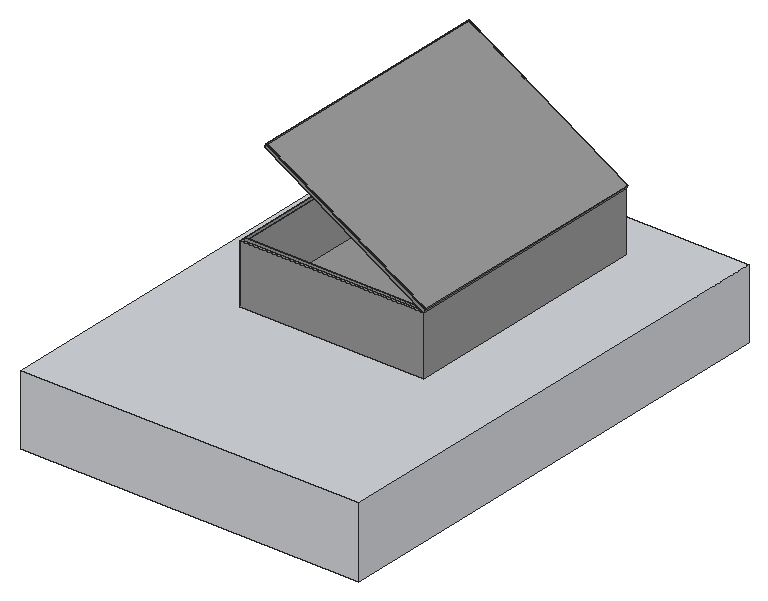
Revit family "Hager-Univers-IP55-D275-H1100-Cl.II-Steel_encl-FR-fr", category Equipement électrique, Revit 2020
Family settings
  Hôte = Face
  Configuration du panneau = Deux colonnes, circuits au sein
  Cote de connecteur circulaire = Utiliser le diamètre
  Type d'élément = Tableau de raccordement
  Couper avec des vides une fois chargée = Non
  Partagée = Non
  Point de calcul de pièce = Non
Parameters (values of type "saillie IP55 L800 H1100 P275  - FR73S")
  Width Control [instance] = if([EF000008 - largeur] > Min Width, [EF000008 - largeur], Min Width)  # 800 mm
  Commentaires du type = [HG000003 - Gamme]  # "Univers"
  Thickness Door [instance] = if([EF009171 - épaisseur de matériau de la porte/du couvercle] > 3 mm, 3 mm, [EF009171 - épaisseur de matériau de la porte/du couvercle])  # 1.5 mm
  Seal Frame Offset [instance] = 17 mm  # constant formula
  Plinth Visibility [instance] = [HG000027 - Hauteur du socle] > 0 mm  # no
  Model = ""
  Min Width [instance] = 100 mm  # constant formula
  Min Height [instance] = 100 mm  # constant formula
  Min Depth [instance] = (2 * [EF009170 - épaisseur de matériau du boîtier]) + 1 mm  # 4 mm
  Internal Frame Depth [instance] = (Door System Depth * 0.5)  # 9 mm
  Height Control [instance] = if([EF000040 - hauteur] > Min Height, [EF000040 - hauteur], Min Height)  # 1100 mm
  HG000027 - Hauteur du socle = 0 mm
  HG000026 - Installation au sol = no
  HG000024 - Hauteur de la section basse = 800 mm
  HG000023 - Armoire double section = no
  HG000016 - Visibilité de la porte 3D [instance] = yes
  HG000015 - Visibilité de l'emprise de la porte [instance] = no
  HG000014 - Porte à droite [instance] = yes
  HG000013 - Porte à gauche [instance] = not([HG000014 - Porte à droite])  # no
  HG000012 - Angle de pivotement de la porte [instance] = 30.00°
  HG000010 - Portes asymétriques = no
  HG000009 - Porte à double battant = no
  HG000006 - Encastré = no
  HG000004 - Référence fabricant = "FR73S"
  HG000003 - Gamme = "Univers"
  HG000002 - avec porte = yes
  Frame Offset Bottom [instance] = 10 mm  # constant formula
  Frame Offset [instance] = 15 mm  # constant formula
  EF015940 - couvercle avec décharge de pression = no
  EF011959 - degré de protection (NEMA) = ""
  EF009554 - nombre d'ouvertures pour plaques à bride = 6
  Fabricant = "Hager"  # constant formula
  EF009212 - finition du couvercle = "EV000116 - fermé"
  EF009171 - épaisseur de matériau de la porte/du couvercle = 1.5 mm
  EF009170 - épaisseur de matériau du boîtier = 1.5 mm
  EF008873 - courant nominal (In) = 800 A
  EF007800 - adapté à un parafoudre = no
  EF006306 - avec serrure = no
  EF006244 - couvercle/porte transparent(e) = no
  EF005474 - indice de protection (IP) = "EV006420 - IP55"
  EF004464 - type de porte = "EV002646 - unique"
  EF004427 - nombre de modules = 252
  EF004293 - indice de protection contre les chocs (IK) = "EV008784 - IK10"
  EF003532 - convient pour utilisation à l’extérieur = no
  EF002950 - largeur en nombre de modules = 24
  EF001613 - maintien de fonction = "EV000494 - sans"
  EF001596 - matériau du boîtier/corps = "EV000179 - acier"
  EF001131 - profondeur intérieure = 275 mm
  EF001088 - possibilité de montage en saillie = yes
  EF000437 - nombre d'entrées de conduit = 6
  EF000339 - type de capot = "EV004216 - porte"
  EF000266 - nombre de rangées = 7
  EF000218 - profondeur d'encastrement = 0 mm
  EF000118 - avec cadre/support de montage = no
  EF000116 - numéro RAL = "7035"
  EF000049 - profondeur = 275 mm
  EF000040 - hauteur = 1100 mm
  EF000008 - largeur = 800 mm
  EF000007 - couleur = "EV000270 - gris"
  EF000003 - mode de pose = "EV000384 - saillie"
  Door System Leaf Tolerance [instance] = 1.5 mm  # constant formula
  Door System Depth [instance] = 18 mm  # constant formula
  Door Height [instance] = Height Control - [HG000027 - Hauteur du socle]  # 1100 mm
  Depth Control [instance] = if([EF000049 - profondeur] > Min Depth, [EF000049 - profondeur], Min Depth)  # 275 mm
  Default Elevation = 0 mm
  Connector Offset [instance] = Height Control / 2  # 550 mm
  Bottom Top Plate Trim [instance] = 1.5 mm  # constant formula
  Plinth height Ctrl [instance] = if([HG000027 - Hauteur du socle] > 0 mm, [HG000027 - Hauteur du socle], 12 mm)  # 12 mm
Types (3, lengths in mm): name | Width Control | HG000009 - Porte à double battant | HG000004 - Référence fabricant | EF009554 - nombre d'ouvertures pour plaques à bride | EF004464 - type de porte | EF004427 - nombre de modules | EF000437 - nombre d'entrées de conduit | EF000008 - largeur
  saillie IP55 L1050 H1100 P275  - FR74S | 1050 | yes | "FR74S" | 8 | "EV003602 - double" | 336 | 8 | 1050
  saillie IP55 L550 H1100 P275  - FR72S | 550 | no | "FR72S" | 4 | "EV002646 - unique" | 168 | 4 | 550
  saillie IP55 L800 H1100 P275  - FR73S | 800 | no | "FR73S" | 6 | "EV002646 - unique" | 252 | 6 | 800
Reference planes
  plane 1 "Center (Front/Back)": y = 0
  plane 2: z = 0
  plane 3 "Center (Left/Right)": x = 0
  plane 4: z = 275
  plane 5: y = 1.5
  plane 6: y = 550
  plane 7: y = 0
  plane 8: y = 1100
  plane 9: z = 0
  plane 10: x = -385
  plane 11: x = 385
  plane 12: x = 383.5
  plane 13: x = -383.5
  plane 14: y = 1098.5
  plane 15: x = -383
  plane 16: x = -400
  plane 17: x = 383
  plane 18: x = 400
  plane 19: x = 398.5
  plane 20: x = -398.5
  plane 21: y = 11.5
  plane 22: y = 1100
  plane 23: y = 1083.5
  plane 24: z = 257
  plane 25: z = 1.5
  plane 26: z = 255.5
  plane 27: z = 273.5
Forms (mm)
  Extrusion 1, solid
    sketch origin (0, 0, 0) x (1, 0, 0) y (0, 1, 0)
      loop
        line (-702.964, 1305) -> (-702.964, -811.445) -> (766.763, -811.445) -> (766.763, 1305) -> (-702.964, 1305)
    from 0 to -304.8
  Extrusion 2, solid, material "Hager_Steel_RAL7035_Light_Grey", visible <- "Plinth Visibility", detail levels medium+fine
    sketch origin (0, 0, 0) x (1, 0, 0) y (0, 1, 0)
      loop
        line (-400, 0) -> (400, 0) -> (400, 12) -> (-400, 12) -> (-400, 0)
    from 0 to 257
  Extrusion 3, solid, material "Hager_Steel_RAL7035_Light_Grey", detail levels medium+fine
    sketch origin (0, 0, 0) x (1, 0, 0) y (0, 1, 0)
      loop
        line (-400, 0) -> (400, 0) -> (400, 1100) -> (-400, 1100) -> (-400, 0)
    from 0 to 257
  Extrusion 4, void
    sketch origin (0, 0, 0) x (1, 0, 0) y (0, 1, 0)
      loop
        line (-398.5, 1.5) -> (398.5, 1.5) -> (398.5, 1098.5) -> (-398.5, 1098.5) -> (-398.5, 1.5)
    from 1.5 to 255.5
  Extrusion 5, void
    sketch origin (-381.607, -4572, 257) x (0, -1, 0) y (-1, 0, 0)
      loop
        line (-4583.5, 1.893) -> (-5655.5, 1.893) -> (-5655.5, -765.107) -> (-4583.5, -765.107) -> (-4583.5, 1.893)
    from 0 to 1.5 <- "EF009170 - épaisseur de matériau du boîtier"
  Extrusion 6, solid, material "Hager_Steel_RAL7035_Light_Grey", detail levels fine
    sketch origin (0, 0, 257) x (1, 0, 0) y (0, 1, 0)
      loop
        line (-383.5, 1083.5) -> (-383.5, 11.5) -> (383.5, 11.5) -> (383.5, 1083.5) -> (-383.5, 1083.5)
      loop
        line (-385, 10) -> (385, 10) -> (385, 1085) -> (-385, 1085) -> (-385, 10)
    from 0 to 9 <- "Internal Frame Depth"
  Extrusion 7, solid, material "Hager_Steel_RAL7035_Light_Grey", detail levels coarse
    sketch origin (0, 0, 0) x (1, 0, 0) y (0, 1, 0)
      loop
        line (-400, 0) -> (400, 0) -> (400, 1100) -> (-400, 1100) -> (-400, 0)
    from 0 to 275
  Sweep 8, void
    path in 3D
      loop
        line (-400, 12, 0) -> (400, 12, 0) -> (400, 12, 257) -> (-400, 12, 257) -> (-400, 12, 0)
    profile origin (-400, 12, 128.5) x (-1, 0, 0) y (0, -1, 0)
      loop
        line (0, 0) -> (0, 1.5) -> (-1.5, 1.5)
        arc (-1.5, 1.5) -> (-1.061, 0.439) -> (0, 0) r 1.5
Cuts and joins
  Extrusion 4, Extrusion 5 cuts Extrusion 3
  Sweep 8 cuts Extrusion 2
Lines and regions (mm)
  Masking region 1
    outline origin (0, 0, 0) x (1, 0, 0) y (0, 0, 1)
      loop
        line (-400, 275) -> (-400, 0) -> (400, 0) -> (400, 275) -> (-400, 275)
  Masking region 2, detail levels medium+fine
    outline origin (0, 140, 0) x (0, 1, 0) y (0, 0, 1)
      loop
        line (-140, 0) -> (960, 0) -> (960, 257) -> (-140, 257) -> (-140, 0)
  Masking region 3, not visible, detail levels medium+fine
    outline origin (0, 297.922, 0) x (0, 1, 0) y (0, 0, 1)
      loop
        line (263.578, 0) -> (303.578, 0) -> (303.578, 263.5)
        arc (303.578, 263.5) -> (300.649, 270.571) -> (293.578, 273.5) r 10
        line (293.578, 273.5) -> (263.578, 273.5) -> (263.578, 0)
  Masking region 4, detail levels coarse
    outline origin (0, 0, 180) x (0, 1, 0) y (0, 0, 1)
      loop
        line (0, -180) -> (1100, -180) -> (1100, 95) -> (0, 95) -> (0, -180)
  Masking region 5, visible <- "Plinth Visibility", detail levels medium+fine
    outline origin (0, 52.24, 12.345) x (0, 0, -1) y (0, 1, 0)
      loop
        line (10.845, -40.24) -> (-243.155, -40.24)
        arc (-243.155, -40.24) -> (-243.594, -41.301) -> (-244.655, -41.74) r 1.5
        line (-244.655, -41.74) -> (-244.655, -52.24) -> (12.345, -52.24) -> (12.345, -41.74)
        arc (12.345, -41.74) -> (11.285, -41.301) -> (10.845, -40.24) r 1.5
  Masking region 6, detail levels medium+fine
    outline origin (-381.607, -4572, 257) x (-1, 0, 0) y (0, -1, 0)
      loop
        line (18.393, -5672) -> (18.393, -4572) -> (-781.607, -4572) -> (-781.607, -5672) -> (18.393, -5672)
  Masking region 7, visible <- "Plinth Visibility", detail levels medium+fine
    outline origin (-381.607, -4727, 257) x (-1, 0, 0) y (0, -1, 0)
      loop
        arc (16.893, -4739) -> (17.332, -4737.939) -> (18.393, -4737.5) r 1.5
        line (18.393, -4737.5) -> (18.393, -4727) -> (-781.607, -4727) -> (-781.607, -4737.5)
        arc (-781.607, -4737.5) -> (-780.546, -4737.939) -> (-780.107, -4739) r 1.5
        line (-780.107, -4739) -> (16.893, -4739)
  Masking region 8, detail levels coarse
    outline origin (-442.548, -4669.526, 257) x (-1, 0, 0) y (0, -1, 0)
      loop
        line (-42.548, -5769.526) -> (-42.548, -4669.526) -> (-842.548, -4669.526) -> (-842.548, -5769.526) -> (-42.548, -5769.526)
  sketch lines
    curve 1: line (-400, 12, 257) -> (-400, 12, 0)
    curve 2: line (400, 12, 257) -> (-400, 12, 257)
    curve 3: line (400, 12, 257) -> (400, 12, 0)
    curve 4: line (-400, 12, 0) -> (400, 12, 0)
Dimensions and locks
  "Depth Control": plane 4 to Extrusion 1
  "HG000027 - Hauteur du socle": plane 1 "Center (Front/Back)" to plane 7
  "EF009170 - épaisseur de matériau du boîtier": plane 5 to plane 7
  locked: connector elem to plane 3 "Center (Left/Right)"
  equal spacing: plane 8, plane 6, plane 7
  locked: connector elem to plane 6
  "EF009170 - épaisseur de matériau du boîtier": plane 8 to plane 14
  "EF009170 - épaisseur de matériau du boîtier": plane 10 to plane 13
  "EF009170 - épaisseur de matériau du boîtier": plane 12 to plane 11
  "Frame Offset": plane 20 to plane 13
  "Frame Offset": plane 12 to plane 19
  "EF009170 - épaisseur de matériau du boîtier": plane 16 to plane 20
  "EF009170 - épaisseur de matériau du boîtier": plane 19 to plane 18
  "Seal Frame Offset": plane 16 to plane 15
  "Seal Frame Offset": plane 17 to plane 18
  "Frame Offset Bottom": plane 21 to plane 5
  "Frame Offset": plane 14 to plane 23
  equal spacing: plane 16, plane 3 "Center (Left/Right)", plane 18
  "Width Control": plane 16 to plane 18
  "EF009170 - épaisseur de matériau du boîtier": plane 4 to plane 27
  "EF009170 - épaisseur de matériau du boîtier": plane 24 to plane 26
  "EF009170 - épaisseur de matériau du boîtier": plane 25 to level
  "Door System Depth": plane 4 to plane 24
  "Height Control": plane 1 "Center (Front/Back)" to Extrusion 7 sketch curve
  "Height Control": Masking region 4 sketch curve to plane 1 "Center (Front/Back)"
  "Height Control": plane 1 "Center (Front/Back)" to plane 22
  "Bottom Top Plate Trim": profile plane to Sweep 8 sketch curve
  "Bottom Top Plate Trim": Sweep 8 sketch curve to profile plane
  "Plinth height Ctrl": plane 1 "Center (Front/Back)" to Extrusion 2 sketch curve
  "Plinth height Ctrl": Masking region 5 sketch curve to plane 1 "Center (Front/Back)"
  "Plinth height Ctrl": plane 1 "Center (Front/Back)" to Masking region 7 sketch curve
  "Thickness Door": Extrusion 6 sketch curve to Extrusion 6 sketch curve  (x3)
  "Thickness Door": cut or joined group of Extrusion 3, Extrusion 4, Extrusion 5 to Extrusion 6 sketch curve
  radius of Masking region 3 sketch curve = 10 mm
  "Bottom Top Plate Trim": radius of Masking region 5 sketch curve  (x2)
  "Bottom Top Plate Trim": radius of Sweep 8 sketch curve
  "Bottom Top Plate Trim": radius of Masking region 7 sketch curve  (x2)
  aligned and locked: plane 2 to Extrusion 1
  aligned and locked: level to Extrusion 1
  aligned and locked: level to Masking region 1 sketch curve
  aligned and locked: Masking region 1 sketch curve to plane 18
  aligned and locked: Masking region 1 sketch curve to plane 16
  aligned and locked: plane 7 to Masking region 2 sketch curve
  aligned and locked: level to Masking region 3 sketch curve
  aligned and locked: Masking region 3 sketch curve to plane 27
  aligned and locked: level to Masking region 2 sketch curve
  aligned and locked: plane 1 "Center (Front/Back)" to Extrusion 2 sketch curve
  aligned and locked: Extrusion 3 sketch curve to plane 7
  aligned and locked: plane 16 to Extrusion 3 sketch curve
  aligned and locked: plane 18 to Extrusion 3 sketch curve
  aligned and locked: plane 20 to Extrusion 4 sketch curve
  aligned and locked: plane 19 to Extrusion 4 sketch curve
  aligned and locked: Extrusion 4 sketch curve to plane 5
  aligned and locked: Extrusion 4 to plane 25
  aligned and locked: plane 26 to Extrusion 4
  aligned and locked: plane 24 to Extrusion 3
  aligned and locked: Extrusion 5 sketch curve to plane 21
  aligned and locked: Extrusion 5 sketch curve to plane 13
  aligned and locked: Extrusion 5 sketch curve to plane 12
  aligned and locked: plane 18 to Extrusion 7 sketch curve
  aligned and locked: plane 1 "Center (Front/Back)" to Extrusion 7 sketch curve
  aligned and locked: plane 16 to Extrusion 7 sketch curve
  aligned and locked: plane 4 to Extrusion 7
  aligned and locked: Extrusion 7 to level
  aligned and locked: level to Masking region 4 sketch curve
  aligned and locked: Masking region 4 sketch curve to plane 1 "Center (Front/Back)"
  aligned and locked: Masking region 4 sketch curve to plane 4
  aligned and locked: nested 1 to level
  aligned and locked: nested 1 to plane 16
  aligned and locked: plane 8 to Extrusion 3 sketch curve
  aligned and locked: plane 23 to Extrusion 5 sketch curve
  aligned and locked: plane 14 to Extrusion 4 sketch curve
  aligned and locked: Masking region 2 sketch curve to plane 8
  aligned and locked: level to Masking region 5 sketch curve
  aligned and locked: plane 16 to Extrusion 2 sketch curve
  aligned and locked: plane 18 to Extrusion 2 sketch curve
  aligned and locked: Masking region 5 sketch curve to plane 24
  aligned and locked: Masking region 2 sketch curve to plane 24
  aligned and locked: plane 24 to Extrusion 2
  aligned and locked: profile plane to Sweep 8 sketch curve  (x2)
  aligned and locked: Masking region 6 sketch curve to plane 18
  aligned and locked: Masking region 6 sketch curve to plane 22
  aligned and locked: Masking region 6 sketch curve to plane 16
  aligned and locked: plane 8 to plane 22
  aligned and locked: Masking region 6 sketch curve to plane 7
  aligned and locked: Masking region 7 sketch curve to plane 16
  aligned and locked: Masking region 7 sketch curve to plane 1 "Center (Front/Back)"
  aligned and locked: Masking region 7 sketch curve to plane 18
  aligned and locked: Masking region 8 sketch curve to plane 1 "Center (Front/Back)"
  aligned and locked: Masking region 8 sketch curve to plane 18
  aligned and locked: Masking region 8 sketch curve to plane 22
  aligned and locked: Masking region 8 sketch curve to plane 16
  aligned and locked: nested 2 to plane 7
  aligned and locked: plane 3 "Center (Left/Right)" to nested 2
  aligned and locked: nested 2 to plane 24
  aligned and locked: Extrusion 6 sketch curve to cut or joined group of Extrusion 3, Extrusion 4, Extrusion 5  (x4)
Automatic sketch dimensions
  Extrusion 1 sketch curve to Extrusion 1 sketch curve = 1469.727 mm
  Extrusion 1 sketch curve to Extrusion 1 sketch curve = 2116.445 mm
  Masking region 1 sketch curve to plane 4 = 0 mm
  plane 6 to Masking region 3 sketch curve = 11.5 mm
  Masking region 3 sketch curve to Masking region 3 sketch curve = 30 mm
  Masking region 5 sketch curve to plane 1 "Center (Front/Back)" = 0 mm
Nested families
  nested 1: "Hager_Enclosure_Symbol" at (-400, 0, 0) x (1, 0, 0) z (0, -1, 0), Height <- "Depth Control", Width <- "Width Control", type "Hager_Enclosure_Symbol"
    with Width_Ctrl 800 mm, Width 800 mm, Height_Ctrl 275 mm, Height 275 mm, A_Width_Int 18.047 mm, A_Width 216.562 mm, A_Height_Ctrl 240.625 mm, A_Height 240.625 mm
  nested 2: "EC000058_Univers_Door" at (0, 0, 257) x (1, 0, 0) z (0, 1, 0), Leaf_Tolerance <- "Door System Leaf Tolerance", Angle <- "HG000012 - Angle de pivotement de la porte", Door_Depth <- "Door System Depth", Door_Left <- "HG000013 - Porte à gauche", Transparent <- "EF006244 - couvercle/porte transparent(e)", Assymetrical <- "HG000010 - Portes asymétriques", Width <- "Width Control", Clearance <- "HG000015 - Visibilité de l'emprise de la porte", Double <- "HG000009 - Porte à double battant", 3d_Door <- "HG000016 - Visibilité de la porte 3D", Lock_Visibility <- "EF006306 - avec serrure", Width_Ctrl <- "Width Control", Door_Right <- "HG000014 - Porte à droite", Door <- "HG000002 - avec porte", Height <- "Door Height", Thickness <- "Thickness Door", type "EC000058_Univers_Door", detail levels medium+fine
    with min_wh 4 mm, Width_Ctrl 800 mm, Width 800 mm, Transparent no, Thickness 1.5 mm, Seal_Material Hager_Rubber, Lock_Visibility no, Lock_Material Hager_Plastic_RAL9005_Jet_Black, Leaf_Width 800 mm, Leaf_Tolerance_External_Sides 0 mm, Leaf_Tolerance 1.5 mm, Leaf_Offset 0 mm, Leaf_Height 1097 mm, Leaf_2_Width 800 mm, Leaf_2_Offset 400 mm, Leaf_1_Width 800 mm, Leaf_1_Offset 400 mm, Height_Ctrl 1100 mm, Height 1100 mm, Glass_Material Hager_Glass, Double_Clearance_Ctrl no, Double no, Door_Right_Ctrl yes, Door_Right yes, Door_Material Hager_Steel_RAL7035_Light_Grey, Door_Left_Ctrl no, Door_Left no, Door_Depth 18 mm, Door yes, Clearance_Material Hager_Clearance, Clearance_Depth 800 mm, Clearance_Ctrl no, Clearance no, Assymetrical no, Angle 30.00°, 3d_Door yes
Connectors
  electrical at (0, 550, 0)
    settings: on plane 9, index 1, voltage 0 V, apparent load 0 VA, apparent load phase1 0 VA, apparent load phase2 0 VA, apparent load phase3 0 VA, power factor 1, load classification "Other", number of poles 1, system type 30, power factor state 1, is connector primary yes, connector utility no, sub classification motor no, connector description ""
Definition of nested family "EC000058_Univers_Door"
  Parameters (values of type "EC000058_Univers_Door")
    min_wh [instance] = (2 * Thickness) + 1 mm  # 11 mm
    Width_Ctrl [instance] = 400 mm
    Width [instance] = 500 mm
    Transparent [instance] = yes
    Thickness [instance] = 5 mm
    Seal_Material [instance] = none
    Lock_Visibility [instance] = yes
    Lock_Material [instance] = none
    Leaf_Width [instance] = if((Width_Ctrl - 2 * Leaf_Tolerance_External_Sides) > 0 mm, (Width_Ctrl - 2 * Leaf_Tolerance_External_Sides), min_wh)  # 400 mm
    Leaf_Tolerance_External_Sides [instance] = 0 mm  # constant formula
    Leaf_Tolerance [instance] = 1.5 mm
    Leaf_Offset [instance] = 0 mm  # constant formula
    Leaf_Height [instance] = if((Height_Ctrl - 2 * Leaf_Tolerance) > 0 mm, (Height_Ctrl - 2 * Leaf_Tolerance), min_wh)  # 497 mm
    Leaf_2_Width [instance] = if(and(and(Double, Assymetrical), Door_Left), (Leaf_Width / 3) - (Leaf_Tolerance / 2), if(and(and(Double, Assymetrical), Door_Right), (Leaf_Width / 3) * 2 - (Leaf_Tolerance / 2), if(and(Double, not(Assymetrical)), (Leaf_Width / 2) - Leaf_Tolerance, Leaf_Width)))  # 400 mm
    Leaf_2_Offset [instance] = if(and(Double, Assymetrical), Leaf_2_Width / 2, if(and(Double, not(Assymetrical)), Leaf_Width / 4, Leaf_Width / 2))  # 200 mm
    Leaf_1_Width [instance] = if(and(and(Double, Assymetrical), Door_Right), (Leaf_Width / 3) - (Leaf_Tolerance / 2), if(and(and(Double, Assymetrical), Door_Left), (Width / 3) * 2 - (Leaf_Tolerance / 2), if(and(Double, not(Assymetrical)), (Leaf_Width / 2) - Leaf_Tolerance, Leaf_Width)))  # 400 mm
    Leaf_1_Offset [instance] = if(and(Double, Assymetrical), Leaf_1_Width / 2, if(and(Double, not(Assymetrical)), Leaf_Width / 4, Leaf_Width / 2))  # 200 mm
    Height_Ctrl [instance] = if(Height > min_wh, Height, min_wh)  # 500 mm
    Height [instance] = 500 mm
    Glass_Material [instance] = none
    Double_Clearance_Ctrl [instance] = and(Double, Clearance)  # no
    Double [instance] = no
    Door_Right_Ctrl [instance] = and(or(Door_Right, Double), Door)  # yes
    Door_Right [instance] = yes
    Door_Material [instance] = none
    Door_Left_Ctrl [instance] = and(or(Door_Left, Double), Door)  # no
    Door_Left [instance] = no
    Door_Depth [instance] = 30 mm
    Door [instance] = yes
    Default Elevation = 1219.2 mm
    Clearance_Material [instance] = none
    Clearance_Depth [instance] = if(Leaf_1_Width > Leaf_2_Width, Leaf_1_Width, Leaf_2_Width)  # 400 mm
    Clearance_Ctrl [instance] = and(not(Double), Clearance)  # yes
    Clearance [instance] = yes
    Assymetrical [instance] = yes
    Angle [instance] = 30.00°
    3d_Door [instance] = yes
  Reference planes
    plane 1 "Center (Front/Back)": y = 0
    plane 2 "Bottom": z = 0
    plane 3 "Center (Left/Right)": x = 0
    plane 4: z = 500
    plane 5: x = -200
    plane 6: x = 200
    plane 7: z = 500
    plane 8: x = -200
    plane 9: z = 0
    plane 10: x = 200
    plane 11: y = 0
    plane 12: z = 1.5
    plane 13: x = -600
    plane 14: y = -400
    plane 15: x = 600
    plane 16: x = 0
    plane 17: x = 0
    plane 18: x = -200
    plane 19: x = 200
    plane 20: z = 498.5
  Forms (mm)
    Extrusion 1, solid, material <- "Clearance_Material", visible <- "Double_Clearance_Ctrl"
      sketch origin (1200, 0, 0) x (1, 0, 0) y (0, 0, -1)
        loop
          line (-1800, -498.5) -> (-600, -498.5) -> (-600, 0) -> (-1800, 0) -> (-1800, -498.5)
      from 0 to -400
  Dimensions and locks
    equal spacing: plane 5, plane 3 "Center (Left/Right)", plane 6
    "Width_Ctrl": plane 5 to plane 6
    "Leaf_Offset": plane 5 to plane 8
    "Leaf_Offset": plane 6 to plane 10
    "Leaf_Offset": plane 9 to level
    "Leaf_Offset": plane 4 to plane 7
    "Height_Ctrl": plane 4 to level
    "Leaf_Tolerance": plane 12 to plane 9
    locked: plane 11 to plane 1 "Center (Front/Back)"
    "Leaf_1_Offset": plane 18 to plane 16
    "Leaf_2_Offset": plane 17 to plane 19
    "Leaf_1_Width": plane 13 to plane 8
    "Leaf_2_Width": plane 10 to plane 15
    "Clearance_Depth": plane 14 to plane 1 "Center (Front/Back)"
    "Leaf_Tolerance_External_Sides": plane 8 to plane 18
    "Leaf_Tolerance_External_Sides": plane 19 to plane 10
    "Leaf_Tolerance": plane 7 to plane 20
    aligned and locked: level to plane 2 "Bottom"
    aligned and locked: nested 1 to plane 16
    aligned and locked: nested 2 to plane 17
    aligned and locked: Extrusion 1 to plane 13
    aligned and locked: plane 15 to Extrusion 1
    aligned and locked: Extrusion 1 to plane 14
    aligned and locked: plane 12 to nested 1
    aligned and locked: nested 2 to plane 12
    aligned and locked: Extrusion 1 to plane 11
    aligned and locked: plane 20 to Extrusion 1
    aligned and locked: nested 2 to plane 11
    aligned and locked: nested 1 to plane 11
  Automatic sketch dimensions
    Extrusion 1 sketch curve to level = 0 mm
    plane 5 to Extrusion 1 sketch curve = 400 mm
    plane 6 to Extrusion 1 sketch curve = 400 mm
    Extrusion 1 sketch curve to plane 4 = 1.5 mm
  Nested families
    nested 1: "EC000058_Univers_Door_Leaf" at (0, 0, 1.5), Width <- "Leaf_1_Width", visible <- "Door_Left_Ctrl", Leaf_Height <- "Leaf_Height", Angle <- "Angle", 3d_Door <- "3d_Door", Transparent <- "Transparent", Clearance Material <- "Clearance_Material", Clearance <- "Clearance_Ctrl", Door_Material <- "Door_Material", Glass_Material <- "Glass_Material", Door_Depth <- "Door_Depth", Lock_Material <- "Lock_Material", Seal_Material <- "Seal_Material", Lock_Visibility <- "Lock_Visibility", Thickness <- "Thickness", type "EC000058_Univers_Door_Leaf"
      with Width 400 mm, Transparent_Glass_Offset 30 mm, Transparent_Ctrl yes, Transparent yes, Thickness 5 mm, Standard no, Seal_Material none, Seal_D2 8 mm, Seal_D1 1 mm, Offset_Internal_Frame 10 mm, Lock_Width 20 mm, Lock_Visibility_3d yes, Lock_Visibility yes, Lock_Thickness_3 3 mm, Lock_Thickness_2 1 mm, Lock_Thickness_1 3 mm, Lock_Radius_Offset_2 16 mm, Lock_Radius_Offset_1 15 mm, Lock_Radius_2 5 mm, Lock_Radius 6 mm, Lock_Offset 5 mm, Lock_Material none, Lock_Height 80 mm, Lock_Cover_Top_Offset_2d 17 mm, Lock_Cover_Height -65 mm, Leaf_Height 497 mm, Internal_Seal_Thickness 8 mm, Internal_Seal_Depth_2 4.5 mm, Internal_Frame_Depth 25 mm, Glass_Thickness -1 mm, Glass_Offset -2 mm, Glass_Material none, Door_Material none, Door_Depth 30 mm, Clearance Material none, Clearance yes, Angle_Ctrl 30.00°, Angle 30.00°, 3d_Door yes
    nested 2: "EC000058_Univers_Door_Leaf" at (0, 0, 1.5) x (-1, 0, 0) z (0, 0, 1), Width <- "Leaf_2_Width", visible <- "Door_Right_Ctrl", Leaf_Height <- "Leaf_Height", Angle <- "Angle", 3d_Door <- "3d_Door", Transparent <- "Transparent", Clearance Material <- "Clearance_Material", Clearance <- "Clearance_Ctrl", Door_Material <- "Door_Material", Glass_Material <- "Glass_Material", Door_Depth <- "Door_Depth", Lock_Material <- "Lock_Material", Seal_Material <- "Seal_Material", Lock_Visibility <- "Lock_Visibility", Thickness <- "Thickness", type "EC000058_Univers_Door_Leaf"
      with Width 400 mm, Transparent_Glass_Offset 30 mm, Transparent_Ctrl yes, Transparent yes, Thickness 5 mm, Standard no, Seal_Material none, Seal_D2 8 mm, Seal_D1 1 mm, Offset_Internal_Frame 10 mm, Lock_Width 20 mm, Lock_Visibility_3d yes, Lock_Visibility yes, Lock_Thickness_3 3 mm, Lock_Thickness_2 1 mm, Lock_Thickness_1 3 mm, Lock_Radius_Offset_2 16 mm, Lock_Radius_Offset_1 15 mm, Lock_Radius_2 5 mm, Lock_Radius 6 mm, Lock_Offset 5 mm, Lock_Material none, Lock_Height 80 mm, Lock_Cover_Top_Offset_2d 17 mm, Lock_Cover_Height -65 mm, Leaf_Height 497 mm, Internal_Seal_Thickness 8 mm, Internal_Seal_Depth_2 4.5 mm, Internal_Frame_Depth 25 mm, Glass_Thickness -1 mm, Glass_Offset -2 mm, Glass_Material none, Door_Material none, Door_Depth 30 mm, Clearance Material none, Clearance yes, Angle_Ctrl 30.00°, Angle 30.00°, 3d_Door yes
  Definition of nested family "EC000058_Univers_Door_Leaf"
    Parameters (values of type "EC000058_Univers_Door_Leaf")
      Width [instance] = 2000 mm
      Transparent_Glass_Offset [instance] = 30 mm
      Transparent_Ctrl [instance] = and(Transparent, [3d_Door])  # yes
      Transparent [instance] = yes
      Thickness [instance] = 5 mm
      Standard [instance] = and(not(Transparent), [3d_Door])  # no
      Seal_Material [instance] = none
      Seal_D2 [instance] = 8 mm  # constant formula
      Seal_D1 [instance] = 1 mm  # constant formula
      Offset_Internal_Frame [instance] = 10 mm  # constant formula
      Lock_Width [instance] = 20 mm  # constant formula
      Lock_Visibility_3d [instance] = and(Lock_Visibility, [3d_Door])  # yes
      Lock_Visibility [instance] = yes
      Lock_Thickness_3 [instance] = 3 mm  # constant formula
      Lock_Thickness_2 [instance] = 1 mm  # constant formula
      Lock_Thickness_1 [instance] = 3 mm  # constant formula
      Lock_Radius_Offset_2 [instance] = Lock_Radius_Offset_1 + 1 mm  # 16 mm
      Lock_Radius_Offset_1 [instance] = 15 mm  # constant formula
      Lock_Radius_2 [instance] = Lock_Radius - 1 mm  # 5 mm
      Lock_Radius [instance] = 6 mm  # constant formula
      Lock_Offset [instance] = 5 mm  # constant formula
      Lock_Material [instance] = none
      Lock_Height [instance] = 80 mm  # constant formula
      Lock_Cover_Top_Offset_2d [instance] = Lock_Radius_Offset_2 + 1 mm  # 17 mm
      Lock_Cover_Height [instance] = -(Lock_Height - Lock_Radius_Offset_1)  # -65 mm
      Leaf_Height [instance] = 2720.336 mm
      Internal_Seal_Thickness [instance] = 8 mm  # constant formula
      Internal_Seal_Depth_2 [instance] = 4.5 mm  # constant formula
      Internal_Frame_Depth [instance] = if(Door_Depth - Thickness > 5 mm, Door_Depth - Thickness, 5 mm)  # 25 mm
      Glass_Thickness [instance] = if(Thickness > 15 mm, Glass_Offset + 10 mm, -1 mm)  # -1 mm
      Glass_Offset [instance] = if(Thickness > 15 mm, -(Thickness + 10 mm) / 2, -2 mm)  # -2 mm
      Glass_Material [instance] = none
      Door_Material [instance] = none
      Door_Depth [instance] = 30 mm
      Default Elevation = 0 mm
      Clearance Material [instance] = none
      Clearance [instance] = yes
      Angle_Ctrl [instance] = if(Angle > 180.00°, 180.00°, Angle)  # 90.00°
      Angle [instance] = 90.00°
      3d_Door [instance] = yes
    Reference planes
      plane 1 "Center (Front/Back)": y = 0
      plane 2: z = 0
      plane 3 "Center (Left/Right)": x = 0
      plane 4: y = 2000
      plane 5: x = -1000
      plane 6: x = 1000
      plane 7: x = -3000
      plane 8: z = 2720.336
      plane 9: z = 30
      plane 10: z = 2690.336
      plane 11: x = 970
      plane 12: x = -970
      plane 13: y = -3
      plane 14: z = 107.833
      plane 15: y = -5
      plane 16: y = -223.314
      plane 17: x = -1000
      plane 18: z = 1360.168
      plane 19: y = 30
    Forms (mm)
      Extrusion 1, solid, material <- "Clearance Material", visible <- "Clearance"
        sketch origin (0, 0, 0) x (1, 0, 0) y (0, 0, 1)
          loop
            line (-3000, 2720.336) -> (-3000, 0) -> (1000, 0) -> (1000, 2720.336) -> (-3000, 2720.336)
        from 0 to -2000
      Extrusion 2, solid, material <- "Door_Material", visible <- "Standard", detail levels medium+fine
        sketch origin (-1000, 0, 0) x (0, 1, 0) y (-1, 0, 0)
          loop
            line (0, 30) -> (0, 25) -> (2000, 25) -> (2000, 30) -> (0, 30)
        from 0 to 2720.336 <- "Leaf_Height"
      Extrusion 3, solid, material <- "Door_Material", visible <- "Transparent_Ctrl", detail levels medium+fine
        sketch origin (-1000, 0, 0) x (0, 1, 0) y (-1, 0, 0)
          loop
            line (0, 25) -> (2000, 25) -> (2000, 30) -> (0, 30) -> (0, 25)
        from 0 to 2720.336 <- "Leaf_Height"
      Extrusion 4, void
        sketch origin (-1025, 2000, 0) x (0, 1, 0) y (0, 0, -1)
          loop
            line (-30, -2690.336) -> (-30, -30) -> (-1970, -30) -> (-1970, -2690.336) -> (-30, -2690.336)
        from 0 to 5 <- "Thickness"
      Sweep 5, solid, material <- "Seal_Material", visible <- "Transparent_Ctrl", detail levels fine
        path in 3D
          loop
            line (-1025, 30, 30) -> (-1025, 30, 2690.336) -> (-1025, 1970, 2690.336) -> (-1025, 1970, 30) -> (-1025, 30, 30)
        profile origin (-1025, 1000, 30) x (1, 0, 0) y (0, 0, 1)
          loop
            line (0, 0) -> (0, -8) -> (1, -8) -> (1, 0) -> (0, 0)
      Extrusion 6, solid, material <- "Glass_Material", visible <- "Transparent_Ctrl", detail levels medium+fine
        sketch origin (-1030, 0, 0) x (0, 1, 0) y (0, 0, -1)
          loop
            line (1970, -2690.336) -> (1970, -30) -> (30, -30) -> (30, -2690.336) -> (1970, -2690.336)
        from -2 <- "Glass_Offset" to -1 <- "Glass_Thickness"
      Extrusion 7, solid, material <- "Door_Material", visible <- "3d_Door", detail levels medium+fine
        sketch origin (-1025, 2000, 0) x (0, -1, 0) y (0, 0, -1)
          loop
            line (0, -2720.336) -> (2000, -2720.336) -> (2000, 0) -> (0, 0) -> (0, -2720.336)
          loop
            line (1995, -5) -> (5, -5) -> (5, -2715.336) -> (1995, -2715.336) -> (1995, -5)
        from 0 to 25 <- "Internal_Frame_Depth"
      Sweep 8, solid, material <- "Seal_Material", visible <- "Transparent_Ctrl", detail levels fine
        path in 3D
          loop
            line (-1025, 0, 0) -> (-1025, 2000, 0) -> (-1025, 2000, 2720.336) -> (-1025, 0, 2720.336) -> (-1025, 0, 0)
        profile origin (-1025, 0, 1360.168) x (1, 0, 0) y (0, 1, 0)
          loop
            line (0, 10) -> (2.975, 10)
            arc (2.975, 10) -> (4.053, 10.447) -> (4.5, 11.525) r 1.525
            line (4.5, 11.525) -> (4.5, 16.527)
            arc (4.5, 16.527) -> (4.069, 17.569) -> (3.027, 18) r 1.473
            line (3.027, 18) -> (0, 18) -> (0, 10)
      Extrusion 9, solid, material <- "Lock_Material", visible <- "Lock_Visibility_3d", detail levels fine
        sketch origin (-1030, 0, 0) x (0, 1, 0) y (0, 0, -1)
          loop
            arc (1993.5, -1400.168) -> (1994.561, -1399.729) -> (1995, -1398.668) r 1.5
            line (1995, -1398.668) -> (1995, -1320.168) -> (1975, -1320.168) -> (1975, -1398.668)
            arc (1975, -1398.668) -> (1975.439, -1399.729) -> (1976.5, -1400.168) r 1.5
            line (1976.5, -1400.168) -> (1993.5, -1400.168)
        from 3 <- "Lock_Thickness_1" to 0
      Blend 10, solid, material <- "Lock_Material", visible <- "Lock_Visibility_3d", detail levels fine
        base sketch origin (-1033, 0, 0) x (0, 1, 0) y (0, 0, -1)
          loop
            line (1975, -1320.168) -> (1975, -1398.668)
            arc (1975, -1398.668) -> (1975.439, -1399.729) -> (1976.5, -1400.168) r 1.5
            line (1976.5, -1400.168) -> (1993.5, -1400.168)
            arc (1993.5, -1400.168) -> (1994.561, -1399.729) -> (1995, -1398.668) r 1.5
            line (1995, -1398.668) -> (1995, -1320.168) -> (1975, -1320.168)
        top sketch origin (-1033, 0, 0) x (0, 1, 0) y (0, 0, -1)
          loop
            line (1976, -1320.168) -> (1976, -1398.668)
            arc (1976, -1398.668) -> (1976.146, -1399.022) -> (1976.5, -1399.168) r 0.5
            line (1976.5, -1399.168) -> (1993.5, -1399.168)
            arc (1993.5, -1399.168) -> (1993.854, -1399.022) -> (1994, -1398.668) r 0.5
            line (1994, -1398.668) -> (1994, -1320.168) -> (1976, -1320.168)
        from 0 to 1 <- "Lock_Thickness_2"
      Blend 11, solid, material <- "Lock_Material", visible <- "Lock_Visibility_3d", detail levels fine
        base sketch origin (-1034, 0, 0) x (0, 1, 0) y (0, 0, -1)
          loop
            line (1978, -1320.168) -> (1978, -1384.168)
            arc (1978, -1384.168) -> (1985, -1391.168) -> (1992, -1384.168) r 7
            line (1992, -1384.168) -> (1992, -1320.168) -> (1978, -1320.168)
        top sketch origin (-1034, 0, 0) x (0, 1, 0) y (0, 0, -1)
          loop
            line (1991, -1320.168) -> (1979, -1320.168) -> (1979, -1383.168)
            arc (1979, -1383.168) -> (1985, -1389.168) -> (1991, -1383.168) r 6
            line (1991, -1383.168) -> (1991, -1320.168)
        from 0 to 3 <- "Lock_Thickness_3"
      Extrusion 12, solid, material <- "Lock_Material", visible <- "Lock_Visibility_3d", detail levels fine
        sketch origin (-1030, 1975, 1320.168) x (1, 0, 0) y (0, -1, 0)
          loop
            line (-7, -19) -> (-7, -1) -> (0, -1) -> (0, 0) -> (-8, 0) -> (-8, -20) -> (0, -20) -> (0, -19) -> (-7, -19)
        from 0 to -65 <- "Lock_Cover_Height"
      Extrusion 13, void
        sketch origin (-1038, 1995, 1320.168) x (-1, 0, 0) y (0, 0, -1)
          loop
            line (-5, -65) -> (0, -65) -> (-5, -60) -> (-5, -65)
        from 0 to 20 <- "Lock_Width"
      Extrusion 14, void
        sketch origin (-1038, 1975, 1320.168) x (0, -1, 0) y (0, 0, -1)
          loop
            circle (-10, -15.995) r 6
          loop
            circle (-10, -15.995) r 5
        from 0 to 2
      Extrusion 15, solid, material <- "Lock_Material", visible <- "Lock_Visibility_3d", detail levels medium
        sketch origin (-1030, 0, 0) x (0, 1, 0) y (0, 0, -1)
          loop
            arc (1993.5, -1400.168) -> (1994.561, -1399.729) -> (1995, -1398.668) r 1.5
            line (1995, -1398.668) -> (1995, -1320.168) -> (1975, -1320.168) -> (1975, -1398.668)
            arc (1975, -1398.668) -> (1975.439, -1399.729) -> (1976.5, -1400.168) r 1.5
            line (1976.5, -1400.168) -> (1993.5, -1400.168)
        from 8 to 0
    Cuts and joins
      Extrusion 4 cuts Extrusion 3
      Extrusion 13, Extrusion 14 cuts Extrusion 9
      Extrusion 14 cuts Blend 11
      Extrusion 13, Extrusion 14 cuts Extrusion 12
      joined: Extrusion 9, Blend 10, Blend 11, Extrusion 12
      Extrusion 14 cuts Extrusion 15
    Lines and regions (mm)
      Masking region 1, visible <- "Lock_Visibility", detail levels fine
        outline origin (0, 0, 0) x (0, 1, 0) y (0, 0, 1)
          loop
            line (30, 1320.168) -> (33, 1320.168) -> (33, 1400.168) -> (30, 1400.168) -> (30, 1320.168)
      Masking region 2, visible <- "Lock_Visibility", detail levels fine
        outline origin (0, 3.143, 0) x (0, 1, 0) y (0, 0, 1)
          loop
            line (29.857, 1354.168) -> (30.857, 1354.168) -> (30.857, 1366.168) -> (29.857, 1366.168) -> (29.857, 1354.168)
      Masking region 3, detail levels medium+fine
        outline origin (0, 0, 0) x (0, 1, 0) y (0, 0, 1)
          loop
            line (0, 0) -> (30, 0) -> (30, 2720.336) -> (0, 2720.336) -> (0, 0)
      Masking region 4, detail levels medium+fine
        outline origin (0, 0, 0) x (1, 0, 0) y (0, 0, 1)
          loop
            line (-1000, 2720.336) -> (-1000, 0) -> (1000, 0) -> (1000, 2720.336) -> (-1000, 2720.336)
      Masking region 5, visible <- "Lock_Visibility", detail levels fine
        outline origin (-47.116, 0, 0) x (1, 0, 0) y (0, 0, 1)
          loop
            arc (1024.616, 1399.168) -> (1023.556, 1398.729) -> (1023.116, 1397.668) r 1.5
            line (1023.116, 1397.668) -> (1023.116, 1320.168) -> (1041.116, 1320.168) -> (1041.116, 1397.668)
            arc (1041.116, 1397.668) -> (1040.677, 1398.729) -> (1039.616, 1399.168) r 1.5
            line (1039.616, 1399.168) -> (1024.616, 1399.168)
      Masking region 6, visible <- "Lock_Visibility", detail levels medium+fine
        outline origin (-25, 0, 0) x (1, 0, 0) y (0, 0, 1)
          loop
            arc (1001.5, 1400.168) -> (1000.439, 1399.729) -> (1000, 1398.668) r 1.5
            line (1000, 1398.668) -> (1000, 1320.168) -> (1020, 1320.168) -> (1020, 1398.668)
            arc (1020, 1398.668) -> (1019.561, 1399.729) -> (1018.5, 1400.168) r 1.5
            line (1018.5, 1400.168) -> (1001.5, 1400.168)
      Masking region 7, visible <- "Lock_Visibility", detail levels fine
        outline origin (-73.735, 0, 0) x (1, 0, 0) y (0, 0, 1)
          loop
            line (1051.735, 1382.168) -> (1065.735, 1382.168) -> (1065.735, 1384.168)
            arc (1065.735, 1384.168) -> (1058.735, 1391.168) -> (1051.735, 1384.168) r 7
            line (1051.735, 1384.168) -> (1051.735, 1382.168)
      Masking region 8, visible <- "Lock_Visibility", detail levels fine
        outline origin (-73.735, 0, 0) x (1, 0, 0) y (0, 0, 1)
          loop
            line (1052.735, 1382.168) -> (1064.735, 1382.168) -> (1064.735, 1383.168)
            arc (1064.735, 1383.168) -> (1058.735, 1389.168) -> (1052.735, 1383.168) r 6
            line (1052.735, 1383.168) -> (1052.735, 1382.168)
      Masking region 9, visible <- "Lock_Visibility", detail levels fine
        outline origin (-25, 0, 0) x (1, 0, 0) y (0, 0, 1)
          loop
            line (1020, 1320.168) -> (1020, 1382.168) -> (1000, 1382.168) -> (1000, 1320.168) -> (1020, 1320.168)
      Masking region 10, detail levels medium+fine
        outline origin (0, 0, 0) x (1, 0, 0) y (0, 0, 1)
          loop
            circle (985, 1335.144) r 6
      Masking region 11, detail levels fine
        outline origin (0, 0, 0) x (1, 0, 0) y (0, 0, 1)
          loop
            circle (985, 1335.144) r 5
      Masking region 12, visible <- "Lock_Visibility", detail levels fine
        outline origin (0, 12.767, 0) x (0, 1, 0) y (0, 0, 1)
          loop
            line (20.233, 1320.168) -> (21.233, 1320.168) -> (21.233, 1399.168) -> (20.233, 1400.168) -> (20.233, 1320.168)
      Masking region 13, visible <- "Lock_Visibility", detail levels fine
        outline origin (0, 13.767, -10) x (0, 1, 0) y (0, 0, 1)
          loop
            line (20.233, 1330.168) -> (23.233, 1330.168) -> (23.233, 1399.168) -> (20.233, 1402.168) -> (20.233, 1330.168)
      Masking region 14, visible <- "Lock_Visibility", detail levels fine
        outline origin (0, 12.767, -10) x (0, 1, 0) y (0, 0, 1)
          loop
            line (20.233, 1330.168) -> (25.233, 1330.168) -> (25.233, 1399.305) -> (20.233, 1394.305) -> (20.233, 1330.168)
      Masking region 15, visible <- "Lock_Visibility", detail levels medium
        outline origin (0, 0, 0) x (0, 1, 0) y (0, 0, 1)
          loop
            line (30, 1320.168) -> (38, 1320.168) -> (38, 1400.168) -> (30, 1400.168) -> (30, 1320.168)
      Masking region 16, visible <- "Lock_Visibility", detail levels fine
        outline origin (-1000, 0, 0) x (0, 1, 0) y (-1, 0, 0)
          loop
            line (1975, 30) -> (1995, 30) -> (1995, 38) -> (1975, 38) -> (1975, 30)
          loop
            line (1979, 37) -> (1976, 37) -> (1976, 34) -> (1978, 34) -> (1979, 37)
          loop
            line (1994, 37) -> (1991, 37) -> (1992, 34) -> (1994, 34) -> (1994, 37)
      Masking region 17, visible <- "Lock_Visibility", detail levels medium
        outline origin (-1000, 0, 0) x (0, 1, 0) y (-1, 0, 0)
          loop
            line (1975, 30) -> (1995, 30) -> (1995, 38) -> (1975, 38) -> (1975, 30)
      symbolic lines
        curve 1: line (1000, 0, 0) -> (-3000, 0, 0)
        curve 2: arc (1000, 0, 0) -> (-1000, 2000, 0) -> (-3000, 0, 0) r 2000
        curve 4: line (-1030, 0, 0) -> (-1030, 2000, 0)
      reference lines
        curve 3: line (-1000, 0, 0) -> (-1000, 2000, 0)
      symbolic lines, detail levels medium+fine
        curve 5: line (-1030, 2000, 0) -> (-1025, 2000, 0)
        curve 7: line (-1025, 0, 0) -> (-1030, 0, 0)
        curve 8: line (-1025, 0, 0) -> (-1000, 0, 0)
        curve 9: line (-1000, 0, 0) -> (-1000, 2000, 0)
        curve 10: line (-1000, 2000, 0) -> (-1025, 2000, 0)
      symbolic lines, detail levels fine
        curve 6: line (-1025, 2000, 0) -> (-1025, 0, 0)
      sketch lines
        curve 11: line (-1025, 0, 2720.336) -> (-1025, 0, 0)
        curve 12: line (-1025, 2000, 0) -> (-1025, 0, 0)
        curve 13: line (-1025, 2000, 2720.336) -> (-1025, 2000, 0)
        curve 14: line (-1025, 0, 2720.336) -> (-1025, 2000, 2720.336)
        curve 15: line (-1025, 1970, 30) -> (-1025, 30, 30)
        curve 16: line (-1025, 30, 30) -> (-1025, 30, 2690.336)
        curve 17: line (-1025, 1970, 2690.336) -> (-1025, 1970, 30)
        curve 18: line (-1025, 30, 2690.336) -> (-1025, 1970, 2690.336)
      symbolic lines, visible <- "Transparent", detail levels medium+fine
        curve 19: line (-970, 0, 2690.336) -> (970, 0, 2690.336)
        curve 20: line (-970, 0, 30) -> (-970, 0, 2690.336)
        curve 21: line (970, 0, 30) -> (-970, 0, 30)
        curve 22: line (970, 0, 2690.336) -> (970, 0, 30)
    Dimensions and locks
      "Width": plane 1 "Center (Front/Back)" to plane 4
      equal spacing: plane 5, plane 3 "Center (Left/Right)", plane 6
      "Width": plane 5 to plane 6
      "Width": plane 7 to plane 5
      "Leaf_Height": plane 8 to level
      "Width": curve 5 to curve 3
      "Width": curve 3 to curve 3
      plane 8 to plane 10 = 30 mm
      plane 9 to level = 30 mm
      plane 12 to plane 5 = 30 mm
      plane 6 to plane 11 = 30 mm
      Extrusion 1 to Extrusion 4 sketch curve = 30 mm
      "Transparent_Glass_Offset": curve 3 to Extrusion 4 sketch curve
      "Transparent_Glass_Offset": Extrusion 4 sketch curve to cut or joined group of Extrusion 3, Extrusion 4  (x2)
      cut or joined group of Extrusion 3, Extrusion 4 to Extrusion 6 sketch curve = 30 mm
      "Transparent_Glass_Offset": cut or joined group of Extrusion 3, Extrusion 4 to Extrusion 4 sketch curve
      "Thickness": curve 6 to curve 4
      "Thickness": Extrusion 7 sketch curve to Extrusion 7 sketch curve  (x4)
      "Door_Depth": curve 4 to curve 3
      "Offset_Internal_Frame": profile plane to Sweep 8 sketch curve
      "Internal_Seal_Thickness": Sweep 8 sketch curve to Sweep 8 sketch curve
      "Internal_Seal_Depth_2": profile plane to Sweep 8 sketch curve
      "Seal_D1": profile plane to Sweep 5 sketch curve
      "Seal_D2": profile plane to Sweep 5 sketch curve
      "Thickness": Extrusion 2 sketch curve to Extrusion 2 sketch curve
      equal spacing: Extrusion 9 sketch curve, plane 18, Extrusion 9 sketch curve  (x2)
      equal spacing: Masking region 1 sketch curve, plane 18, Masking region 1 sketch curve
      "Lock_Height": Masking region 1 sketch curve to Masking region 1 sketch curve
      "Lock_Radius": Masking region 2 sketch curve to plane 18 to Masking region 2 sketch curve
      Masking region 2 sketch curve to Masking region 1 = 1 mm
      "Door_Depth": plane 19 to plane 1 "Center (Front/Back)"
      "Lock_Thickness_1": Masking region 1 sketch curve to plane 19
      "Lock_Width": Extrusion 9 sketch curve to Extrusion 9 sketch curve
      "Lock_Height": Extrusion 9 sketch curve to Extrusion 9 sketch curve
      "Lock_Offset": cut or joined group of Extrusion 3, Extrusion 4 to Extrusion 9 sketch curve
      equal spacing: plane 8, plane 18, level
      "Lock_Radius_Offset_1": Blend 11 sketch curve to Blend 10
      locked: Blend 10 to Blend 11 sketch curve at 2  (x2)
      locked: var sketch to Blend 11 sketch curve at 1  (x2)
      "Lock_Radius_Offset_2": Blend 11 sketch curve to Blend 10
      locked: Extrusion 12 sketch curve to Extrusion 12 sketch curve at 1  (x3)
      Masking region 6 sketch curve to Masking region 6 sketch curve = 80 mm
      "Lock_Height": Masking region 6 sketch curve to Masking region 6 sketch curve
      "Lock_Width": Masking region 6 sketch curve to Masking region 6 sketch curve
      locked: Masking region 6 to Masking region 5 sketch curve at 1  (x3)
      locked: Masking region 5 to Masking region 7 sketch curve at 2  (x2)
      "Lock_Radius_Offset_1": Masking region 5 to Masking region 7 sketch curve
      "Lock_Radius_Offset_2": Masking region 5 to Masking region 8 sketch curve
      locked: Masking region 7 to Masking region 8 sketch curve at 1  (x2)
      "Lock_Cover_Top_Offset_2d": Masking region 5 to Masking region 9 sketch curve
      equal spacing: Masking region 9, Masking region 10 sketch curve, Masking region 9
      equal spacing: Masking region 9, Masking region 11 sketch curve, Masking region 9
      Extrusion 15 sketch curve to Extrusion 15 sketch curve = 80 mm
      "Lock_Width": Extrusion 15 sketch curve to Extrusion 15 sketch curve
      "Lock_Height": Extrusion 15 sketch curve to Extrusion 15 sketch curve
      equal spacing: Extrusion 15 sketch curve, plane 18, Extrusion 15 sketch curve
      "Lock_Thickness_3": Masking region 13 sketch curve to Masking region 13 sketch curve
      "Lock_Height": Masking region 12 sketch curve to Masking region 12 sketch curve
      locked: Masking region 13 sketch curve to Masking region 1 at 8
      locked: Masking region 14 sketch curve to Masking region 13 at 1
      locked: Masking region 14 sketch curve to Masking region 1 at 10.863
      "Lock_Height": Masking region 15 sketch curve to Masking region 15 sketch curve
      "Lock_Offset": Extrusion 15 sketch curve to cut or joined group of Extrusion 3, Extrusion 4
      "Lock_Offset": plane 6 to Masking region 6 sketch curve
      radius of Sweep 8 sketch curve = 1.525 mm
      radius of Sweep 8 sketch curve = 1.473 mm
      radius of Extrusion 9 sketch curve = 1.5 mm  (x2)
      "Lock_Radius": radius of Extrusion 14 sketch curve
      "Lock_Radius_2": radius of Extrusion 14 sketch curve
      "Lock_Radius": radius of Masking region 10 sketch curve
      "Lock_Radius_2": radius of Masking region 11 sketch curve
      radius of Extrusion 15 sketch curve = 1.5 mm  (x2)
      "Angle_Ctrl": angle plane 1 "Center (Front/Back)" to curve 3
      locked: Masking region 12 sketch curve to Masking region 12 sketch curve (angle 45.00°)
      locked: Masking region 13 sketch curve to Masking region 13 sketch curve (angle 45.00°)
      locked: Masking region 14 sketch curve to Masking region 14 sketch curve (angle 45.00°)
      aligned and locked: level to plane 2
      aligned and locked: Extrusion 1 to curve 1
      aligned and locked: plane 6 to Extrusion 1
      aligned and locked: Extrusion 1 to plane 1 "Center (Front/Back)"
      aligned and locked: plane 4 to Extrusion 1
      aligned and locked: plane 8 to Extrusion 1
      aligned and locked: curve 7 to Extrusion 2 sketch curve
      aligned and locked: curve 5 to Extrusion 2 sketch curve
      aligned and locked: curve 7 to Extrusion 3 sketch curve
      aligned and locked: Extrusion 3 sketch curve to curve 4
      aligned and locked: Extrusion 3 sketch curve to curve 6
      aligned and locked: Extrusion 3 sketch curve to curve 5
      aligned and locked: curve 9 to curve 3
      aligned and locked: Extrusion 7 sketch curve to cut or joined group of Extrusion 3, Extrusion 4  (x4)
      aligned and locked: plane 17 to curve 3
      aligned and locked: plane 1 "Center (Front/Back)" to curve 3
      aligned and locked: plane 17 to plane 5
      aligned and locked: Sweep 8 sketch curve to profile plane
      aligned and locked: Sweep 5 sketch curve to profile plane  (x2)
      aligned and locked: Masking region 1 to Masking region 2 sketch curve
      aligned and locked: plane 19 to Masking region 1 sketch curve
      aligned and locked: plane 1 "Center (Front/Back)" to Masking region 3 sketch curve
      aligned and locked: plane 19 to Masking region 3 sketch curve
      aligned and locked: level to Masking region 3 sketch curve
      aligned and locked: Masking region 3 sketch curve to plane 8
      aligned and locked: plane 17 to Masking region 4 sketch curve
      aligned and locked: level to Masking region 4 sketch curve
      aligned and locked: Masking region 4 sketch curve to plane 8
      aligned and locked: plane 12 to curve 20
      aligned and locked: plane 10 to curve 19
      aligned and locked: plane 11 to curve 22
      aligned and locked: curve 21 to plane 9
      aligned and locked: Extrusion 2 sketch curve to cut or joined group of Extrusion 3, Extrusion 4
      aligned and locked: Blend 10 sketch curve to Extrusion 9  (x4)
      aligned and locked: Extrusion 9 to Blend 10 sketch curve
      aligned and locked: Blend 10 to Blend 11 sketch curve
      aligned and locked: Extrusion 12 sketch curve to Blend 11
      aligned and locked: Extrusion 12 sketch curve to Extrusion 9  (x4)
      aligned and locked: Masking region 5 sketch curve to Masking region 6
      aligned and locked: Masking region 9 sketch curve to Masking region 6  (x3)
      aligned and locked: Masking region 12 sketch curve to Masking region 1
      aligned and locked: Masking region 13 sketch curve to Masking region 1
      aligned and locked: Masking region 12 to Masking region 14
      aligned and locked: Masking region 14 sketch curve to Masking region 1
      aligned and locked: Masking region 15 sketch curve to Masking region 14
      aligned and locked: Masking region 13 sketch curve to Masking region 12
      aligned and locked: Masking region 16 sketch curve to cut or joined group of Extrusion 14, Extrusion 15  (x4)
      aligned and locked: Masking region 16 sketch curve to cut or joined group of Extrusion 9, Blend 10, Blend 11, Extrusion 12, Extrusion 13, Extrusion 14  (x6)
      aligned and locked: cut or joined group of Extrusion 9, Blend 10, Blend 11, Extrusion 12, Extrusion 13, Extrusion 14 to Masking region 16 sketch curve
      aligned and locked: Masking region 17 sketch curve to cut or joined group of Extrusion 14, Extrusion 15  (x3)
      aligned and locked: Masking region 17 sketch curve to cut or joined group of Extrusion 9, Blend 10, Blend 11, Extrusion 12, Extrusion 13, Extrusion 14
      aligned and locked: Masking region 9 to Masking region 8 sketch curve
      aligned and locked: Masking region 9 to Masking region 7 sketch curve
    Automatic sketch dimensions
      plane 1 "Center (Front/Back)" to curve 2 = 0 mm
      curve 2 to plane 5 = 0 mm
      Extrusion 1 sketch curve to level = 0 mm
      Extrusion 1 sketch curve to plane 7 = 0 mm
      Extrusion 1 sketch curve to plane 6 = 0 mm
      Extrusion 1 sketch curve to plane 8 = 0 mm
      Extrusion 3 to Extrusion 6 sketch curve = 30 mm  (x4)
      Masking region 4 sketch curve to plane 6 = 0 mm
      Blend 10 sketch curve to Extrusion 9 = 1.5 mm
      Blend 10 sketch curve to Extrusion 9 = 1 mm
      Extrusion 13 sketch curve to Extrusion 12 = 0 mm  (x2)
      Extrusion 12 to Extrusion 13 sketch curve = 3 mm
      Extrusion 13 sketch curve to Extrusion 12 = 5 mm
      Extrusion 14 sketch curve to Extrusion 14 sketch curve = 0 mm  (x2)
      Extrusion 14 sketch curve to Extrusion 12 = 10 mm
      Extrusion 14 sketch curve to Extrusion 12 = 15.995 mm
      Masking region 5 sketch curve to Masking region 5 sketch curve = 1.5 mm  (x2)
      Masking region 10 sketch curve to plane 18 = 25.024 mm
      Masking region 11 sketch curve to plane 18 = 25.024 mm
      plane 19 to Masking region 14 sketch curve = 3 mm
      Masking region 16 sketch curve to Masking region 16 sketch curve = 3 mm
      curve 4 to curve 3 = 0 mm
      Blend 10 to Blend 11 sketch curve = 0 mm
      Masking region 6 sketch curve to Masking region 6 sketch curve = 1.5 mm  (x2)
      Masking region 6 sketch curve to plane 18 = 40 mm
      plane 19 to Masking region 12 sketch curve = 3 mm
      Masking region 12 sketch curve to Masking region 12 sketch curve = 1 mm
      Masking region 15 sketch curve to plane 19 = 0 mm
      Masking region 15 sketch curve to plane 18 = 40 mm
      radius of Blend 10 sketch curve to Extrusion 9 = 1 mm
Definition of nested family "Hager_Enclosure_Symbol"
  Parameters (values of type "Hager_Enclosure_Symbol")
    Width_Ctrl [instance] = if(Width > 1 mm, Width, 1 mm)  # 102.27 mm
    Width [instance] = 102.27 mm
    Height_Ctrl [instance] = if(Height > 1 mm, Height, 1 mm)  # 66.5 mm
    A_Width_Int [instance] = if(A_Width / 12 > 2 mm, A_Width / 12, 2 mm)  # 4.364 mm
    A_Width [instance] = if(A_Height_Ctrl * 0.9 > 2 mm, A_Height_Ctrl * 0.9, 2 mm)  # 52.369 mm
    A_Height_Ctrl [instance] = if(A_Height > 2 mm, A_Height, 2 mm)  # 58.188 mm
    Height [instance] = 66.5 mm
    A_Height [instance] = Height - (Height / 8)  # 58.188 mm
  Reference planes
    plane 1 "Centre (avant/arrière)": y = 0
    plane 2: z = 0
    plane 3 "Centre (gauche/droite)": x = 0
    plane 4: x = 52.369
    plane 5: y = 33.042
    plane 6: y = 41.77
    plane 7: y = 66.5
    plane 8: x = 26.184
    plane 9: y = 37.406
    plane 10: x = 102.27
    plane 11: y = 66.5
    plane 12: y = 8.313
  Lines and regions (mm)
    Filled region 1, type "Solid_Black", in view "Niveau de réf."
      outline origin (0, 0, 0) x (1, 0, 0) y (0, 1, 0)
        loop
          line (52.369, 66.5) -> (33.188, 54.536) -> (45.365, 45.006) -> (52.369, 66.5)
    Filled region 2, type "Solid_Black", in view "Niveau de réf."
      outline origin (0, 0, 0) x (1, 0, 0) y (0, 1, 0)
        loop
          line (0, 0) -> (102.27, 0) -> (102.27, 66.5) -> (0, 0)
    detail lines, in view "Niveau de réf."
      curve 1: line (0, 8.313, 0) -> (26.184, 41.77, 0)
      curve 2: line (26.184, 41.77, 0) -> (26.184, 33.042, 0)
      curve 3: line (26.184, 33.042, 0) -> (52.369, 66.5, 0)
  Dimensions and locks
    "A_Width": plane 3 "Centre (gauche/droite)" to plane 4
    equal spacing: plane 3 "Centre (gauche/droite)", plane 8, plane 4
    equal spacing: plane 6, plane 9, plane 5
    equal spacing: curve 3, Filled region 1 sketch curve, Filled region 1 sketch curve
    "Height_Ctrl": plane 1 "Centre (avant/arrière)" to plane 11
    "A_Height_Ctrl": plane 11 to plane 12
    equal spacing: plane 11, plane 9, plane 12
    "A_Width_Int": plane 6 to plane 9
    "Width_Ctrl": plane 3 "Centre (gauche/droite)" to plane 10
    angle Filled region 1 sketch curve to curve 3 = 20.00°
    angle curve 3 to Filled region 1 sketch curve = 20.00°
    locked: curve 3 to Filled region 1 sketch curve (angle 90.00°)
    aligned and locked: plane 10 to Filled region 2
    aligned and locked: plane 11 to Filled region 2 sketch curve
    aligned and locked: plane 10 to Filled region 2 sketch curve
    aligned and locked: plane 3 "Centre (gauche/droite)" to curve 1
    aligned and locked: plane 12 to curve 1
    aligned and locked: plane 7 to plane 11
  Automatic sketch dimensions
    Filled region 1 sketch curve to plane 4 = 0 mm
    Filled region 1 sketch curve to plane 7 = 0 mm
    plane 1 "Centre (avant/arrière)" to Filled region 2 sketch curve = 0 mm
    Filled region 2 sketch curve to plane 3 "Centre (gauche/droite)" = 0 mm
    curve 2 to plane 6 = 0 mm
    curve 2 to plane 8 = 0 mm
    curve 3 to plane 4 = 0 mm
    curve 2 to plane 5 = 0 mm
    curve 3 to plane 7 = 0 mm
